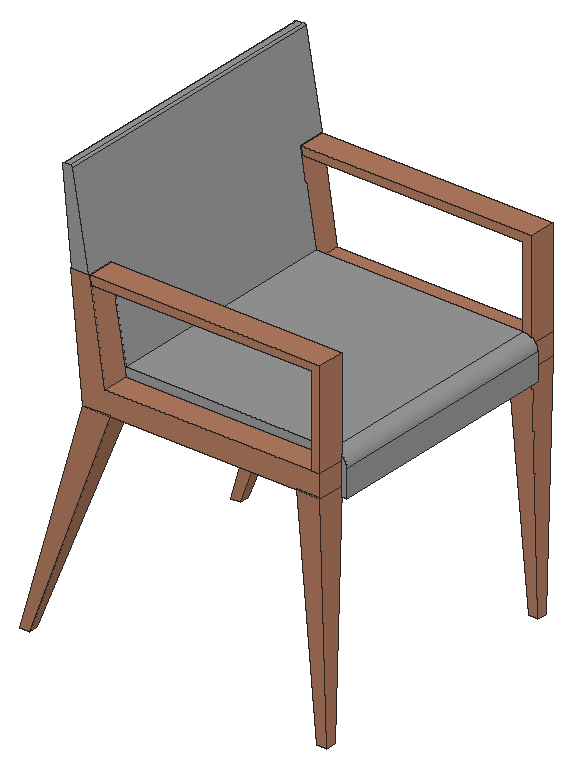
Revit family "Furniture_EUTHALIA 181.11", category Furniture, Revit 2019
Family settings
  OmniClass Number = 23.21.23.15.17
  Work Plane-Based = Yes
  Always vertical = No
  Cut with Voids When Loaded = No
  Shared = No
  Room Calculation Point = No
Parameters (values of type "EUTHALIA 181.11")
  Youtube clip = ""
  Width = 530.000 mm
  Uniformat II Description = "Movable Furnishings"
  Uniformat II Code = ""
  Uniclass 2015 Name = ""
  Uniclass 2015 Code = ""
  Uniclass 2.0 Description = ""
  Uniclass 2.0 Code = ""
  Uniclass 1.4 Description = ""
  Uniclass 1.4 Code = ""
  UNSPSC Code = ""
  Technical description = ""
  Shell Material = Leather - Brilliant White
  Height = 800.000 mm
  Frame Material = Wood - Oak Light Stain R 3.102
  Region South America = "All"
  Region Oceania = "All"
  Region North America = "All"
  Region Middle East = "All"
  Region Europe = "All"
  Region Asia = "All"
  Region Antarctica = "All"
  Region Africa = "All"
  QR code = "https://www.sandlerseating.com/product/euthalia-181-11/"
  Product url = "https://www.sandlerseating.com/product/euthalia-181-11/"
  Product name = "EUTHALIA 181.11"
  Product group = "Chair"
  Product family = "Furniture"
  Product data url = "https://www.sandlerseating.com/product/euthalia-181-11/"
  Product certification = ""
  Product SKU = "??"
  Product Guid = "??"
  OmniClass Description = ""
  OmniClass Code = "23-21 23 15 17"
  NBS Reference Description = ""
  NBS Reference Code = ""
  Model = "EUTHALIA 181.11"
  Masterformat 2014 Description = "Chair Mats"
  Masterformat 2014 Code = "12 48 43.13"
  Manufacturer name = "Sandler"
  Manufacturer country = "USA"
  Manufacturer = "Sandler"
  Installation instructions = ""
  IFC Classification = "Furnishing Element"
  GTIN code = ""
  Edition number = 1
  Design country = "Brasil"
  Description = "Chair"
  Depth = 560.000 mm
  Default Elevation = 0.000 mm
  Date of publishing = ""
  COBIe Type Category = ""
  Brand url = "https://www.sandlerseating.com/"
  BIMobject main category code = "furniture"
  BIMobject main category = "Furniture"
  BIMobject category code = "furniture-chair"
  BIMobject category = "Chair"
Reference planes
  plane 1 "Center Front/Back": y = 0
  plane 2: z = 0
  plane 3 "Center Left/Right": x = 0
Dimensions and locks
  aligned and locked: level to plane 2
Nested families
  nested 1: "TP01 - EUTHALIA" at (59.508, 0, -0.029) x (0, 1, 0) z (0, 0, 1), Seat Material <- "Shell Material", type "TP01 - EUTHALIA"
    with Seat Material Leather - Brilliant White
  nested 2: "BS02 - EUTHALIA" at (57.5, 0, 0) x (0, 1, 0) z (0, 0, 1), Frame Material <- "Frame Material", type "BS02 - EUTHALIA"
    with Frame Material Wood - Oak Light Stain R 3.102
Definition of nested family "TP01 - EUTHALIA"
  Parameters (values of type "TP01 - EUTHALIA")
    Seat Material [instance] = none
    Frame Material = none
  Reference planes
    plane 1 "Center (Front/Back)": y = 0
    plane 2: z = 0
    plane 3 "Center (Left/Right)": x = 0
  Forms (mm)
    Extrusion 1, solid, material <- "Seat Material"
      sketch origin (0, 0, 0) x (0, 1, 0) y (0, 0, 1)
        loop
          arc (254.709, 796.647) -> (253.937, 798.984) -> (251.687, 799.98) r 3.036
          line (251.687, 799.98) -> (240.142, 799.98)
          arc (240.142, 799.98) -> (237.66, 799.077) -> (236.34, 796.79) r 3.861
          line (236.34, 796.79) -> (178.927, 471.185) -> (-200, 471.185)
          arc (-200, 471.185) -> (-217.678, 463.862) -> (-225, 446.185) r 25
          line (-225, 446.185) -> (-225, 397.184) -> (-174.779, 397.184) -> (-174.779, 415.536) -> (217.289, 415.536) -> (254.709, 796.647)
      from -264.994 to 264.994
    Extrusion 2, void
      sketch origin (0, 0, 0) x (1, 0, 0) y (0, 0, 1)
        loop
          line (-264.994, 632.74) -> (-264.994, 397.184) -> (-217.341, 397.184) -> (-217.341, 632.74) -> (-264.994, 632.74)
        loop
          line (264.994, 632.74) -> (217.341, 632.74) -> (217.341, 397.184) -> (264.994, 397.184) -> (264.994, 632.74)
      from -248.441 to 235.186
  Cuts and joins
    Extrusion 2 cuts Extrusion 1
  Dimensions and locks
    aligned and locked: level to plane 2
Definition of nested family "BS02 - EUTHALIA"
  Parameters (values of type "BS02 - EUTHALIA")
    Frame Material [instance] = none
  Reference planes
    plane 1 "Center (Front/Back)": y = 0
    plane 2: z = 0
    plane 3 "Center (Left/Right)": x = 0
  Forms (mm)
    Extrusion 1, solid, material <- "Frame Material"
      sketch origin (0, 0, 0) x (0, 1, 0) y (0, 0, 1)
        loop
          line (238.032, 632.74) -> (204.347, 632.74) -> (176.437, 455.36) -> (-216.324, 455.36) -> (-216.324, 415.36) -> (215.759, 415.36) -> (238.032, 632.74)
      from -264.994 to -216.644
    Blend 2, solid, material <- "Frame Material"
      base sketch origin (0, 0, 238.7) x (-1, 0, 0) y (0, -1, 0)
        loop
          line (264.994, 216.324) -> (216.644, 216.324) -> (216.644, 173.661) -> (264.994, 173.661) -> (264.994, 216.324)
      top sketch origin (0, 0, 238.7) x (-1, 0, 0) y (0, -1, 0)
        loop
          line (249.187, 198.188) -> (249.187, 216.324) -> (232.45, 216.324) -> (232.45, 198.188) -> (249.187, 198.188)
      from 176.806 to -238.7
    Blend 3, solid, material <- "Frame Material"
      base sketch origin (0, 0, 238.7) x (-1, 0, 0) y (0, -1, 0)
        loop
          line (264.994, -215.759) -> (264.994, -166.238) -> (216.644, -166.238) -> (216.644, -215.759) -> (264.994, -215.759)
      top sketch origin (0, 0, 238.7) x (-1, 0, 0) y (0, -1, 0)
        loop
          line (249.187, -326.618) -> (232.45, -326.618) -> (232.45, -343.663) -> (249.187, -343.663) -> (249.187, -326.618)
      from 176.806 to -238.7
    Extrusion 4, solid, material <- "Frame Material"
      sketch origin (0, 0, 0) x (0, 1, 0) y (0, 0, -1)
        loop
          line (238.032, -632.74) -> (215.759, -415.36) -> (-216.324, -415.36) -> (-216.324, -455.36) -> (176.437, -455.36) -> (204.347, -632.74) -> (238.032, -632.74)
      from -264.994 to -216.644
    Blend 5, solid, material <- "Frame Material"
      base sketch origin (0, 0, 238.7) x (1, 0, 0) y (0, 1, 0)
        loop
          line (264.994, -216.324) -> (264.994, -173.661) -> (216.644, -173.661) -> (216.644, -216.324) -> (264.994, -216.324)
      top sketch origin (0, 0, 238.7) x (1, 0, 0) y (0, 1, 0)
        loop
          line (249.187, -198.188) -> (232.45, -198.188) -> (232.45, -216.324) -> (249.187, -216.324) -> (249.187, -198.188)
      from 176.806 to -238.7
    Blend 6, solid, material <- "Frame Material"
      base sketch origin (0, 0, 238.7) x (1, 0, 0) y (0, 1, 0)
        loop
          line (264.994, 215.759) -> (216.644, 215.759) -> (216.644, 166.238) -> (264.994, 166.238) -> (264.994, 215.759)
      top sketch origin (0, 0, 238.7) x (1, 0, 0) y (0, 1, 0)
        loop
          line (249.187, 326.618) -> (249.187, 343.663) -> (232.45, 343.663) -> (232.45, 326.618) -> (249.187, 326.618)
      from 176.806 to -238.7
    Extrusion 7, solid, material <- "Frame Material"
      sketch origin (0, 0, 0) x (0, 1, 0) y (0, 0, 1)
        loop
          line (204.347, 632.74) -> (-216.324, 632.74) -> (-216.324, 455.36) -> (-201.324, 455.36) -> (-201.324, 617.74) -> (201.987, 617.74) -> (204.347, 632.74)
      from 216.644 to 264.994
    Extrusion 8, solid, material <- "Frame Material"
      sketch origin (0, 0, 0) x (0, 1, 0) y (0, 0, -1)
        loop
          line (204.347, -632.74) -> (201.987, -617.74) -> (-201.324, -617.74) -> (-201.324, -455.36) -> (-216.324, -455.36) -> (-216.324, -632.74) -> (204.347, -632.74)
      from 216.644 to 264.994
  Dimensions and locks
    aligned and locked: level to plane 2
